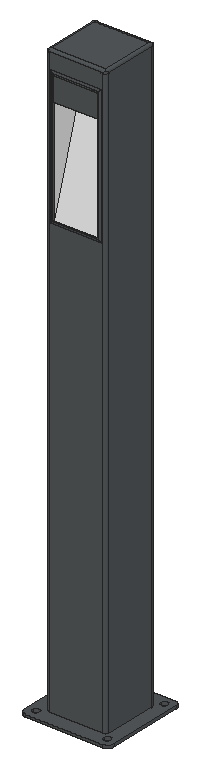
Revit family "svetilnik_alfresco_ar deko_dtu19", category Lighting Fixtures, Revit 2016 (continued)
Definition of nested family "Источник света Ар_Деко"
  Parameters (values of type "4")
           0.2       0.2       0.2       0.2       0.2       0.2\r\n       0.2       0.2       0.2       0.2       0.2       0.2       0.2       0.2\r\n       0.2       0.2       0.2       0.2       0.2       0.2       0.2       0.2\r\n       0.2       0.2       0.2       0.2       0.2       0.2       0.2       0.2\r\n       0.2       0.2       0.2       0.2       0.2       0.2       0.2       0.2\r\n       0.2       0.2       0.2       0.2       0.2       0.2       0.2       0.2\r\n       0.2       0.2       0.2       0.2       0.2       0.2       0.2       0.2\r\n       0.2       0.1       0.1       0.2       0.1       0.1       0.1       0.1\r\n       0.1       0.1       0.0       0.0       0.0\r\n       0.0       0.0       0.2       0.1       0.1       0.1       0.1       0.1\r\n       0.2       0.3       0.2       0.2       0.2       0.2       0.2       0.2\r\n       0.2       0.2       0.2       0.2       0.2       0.3       1.3       3.6\r\n      10.0      17.1      40.0      56.4      68.6      79.0      87.5      97.4\r\n     107.3     118.9     132.1     141.1     157.2     173.8     181.2     191.7\r\n     190.9     190.7     187.8     187.4     184.6     182.9     180.9     176.5\r\n     173.2     170.9     168.8     166.4     163.0     160.2     156.6     153.7\r\n     149.8     145.1     141.7     138.6     135.2     131.5     127.0     123.0\r\n     118.3     114.2     109.5     105.5     101.3      96.5      89.5      79.0\r\n      67.9      58.9      52.7      46.2      40.9      34.4      29.9      23.7\r\n      20.6      15.8      11.1       7.6       3.5       0.5       0.2       0.2\r\n       0.2       0.2       0.2       0.2       0.2       0.2       0.2       0.2\r\n       0.2       0.2       0.2       0.2       0.2       0.2       0.2       0.2\r\n       0.2       0.2       0.2       0.2       0.2       0.2       0.2       0.2\r\n       0.2       0.2       0.2       0.2       0.2       0.2       0.2       0.2\r\n       0.2       0.2       0.2       0.2       0.2       0.2       0.2       0.2\r\n       0.2       0.2       0.2       0.2       0.2       0.2       0.2       0.2\r\n       0.2       0.2       0.2       0.2       0.2       0.2       0.2       0.2\r\n       0.2       0.2       0.2       0.2       0.2       0.2       0.2       0.2\r\n       0.2       0.2       0.2       0.2       0.2       0.2       0.2       0.2\r\n       0.2       0.2       0.2       0.2       0.2       0.2       0.2       0.2\r\n       0.2       0.1       0.1       0.2       0.1       0.1       0.1       0.1\r\n       0.1       0.1       0.0       0.0       0.0\r\n       0.0       0.0       0.2       0.1       0.1       0.1       0.1       0.1\r\n       0.2       0.3       0.2       0.2       0.2       0.2       0.2       0.2\r\n       0.2       0.2       0.2       0.2       0.2       0.2       0.3       0.3\r\n       1.2       3.5      10.6      18.6      38.5      49.6      59.8      69.8\r\n      81.6      92.1     100.2     110.6     122.2     135.2     152.3     162.8\r\n     169.4     176.4     182.5     181.1     180.5     177.5     174.8     173.6\r\n     170.0     166.8     162.3     157.9     154.0     150.7     148.2     144.8\r\n     140.2     135.8     132.5     129.1     125.9     122.0     117.4     113.3\r\n     109.1     104.7     100.7      96.8      92.7      88.3      83.3      78.3\r\n      71.0      61.1      51.7      44.9      38.4      33.5      27.6      24.0\r\n      19.0      15.7      11.3       7.5       4.7       1.7       0.4       0.2\r\n       0.2       0.2       0.2       0.2       0.2       0.2       0.2       0.2\r\n       0.2       0.2       0.2       0.2       0.2       0.2       0.2       0.2\r\n       0.2       0.2       0.2       0.2       0.2       0.2       0.2       0.2\r\n       0.2       0.2       0.2       0.2       0.2       0.2       0.2       0.2\r\n       0.2       0.2       0.2       0.2       0.2       0.2       0.2       0.2\r\n       0.2       0.2       0.2       0.2       0.2       0.2       0.2       0.2\r\n       0.2       0.2       0.2       0.2       0.2       0.2       0.2       0.2\r\n       0.2       0.2       0.2       0.2       0.2       0.2       0.2       0.2\r\n       0.2       0.2       0.2       0.2       0.2       0.2       0.2       0.2\r\n       0.2       0.2       0.2       0.2       0.2       0.2       0.2       0.2\r\n       0.2       0.1       0.1       0.2       0.1       0.1       0.1       0.1\r\n       0.1       0.1       0.0       0.0       0.0\r\n       0.0       0.0       0.2       0.1       0.1       0.1       0.1       0.1\r\n       0.2       0.3       0.2       0.2       0.2       0.2       0.2       0.2\r\n       0.2       0.2       0.2       0.2       0.2       0.2       0.2       0.2\r\n       0.2       0.6       1.2       2.3       6.1      21.1      31.6      40.6\r\n      54.9      66.2      76.5      82.7      90.2      99.3     108.0     114.3\r\n     116.9     126.4     129.4     127.7     125.0     123.2     119.6     117.0\r\n     115.0     113.8     111.1     110.3     111.3     111.6     110.2     108.3\r\n     106.7     105.5     103.0     100.2      97.3      94.0      91.5      88.4\r\n      85.1      81.9      78.8      75.6      71.8      68.2      64.4      60.2\r\n      56.2      50.2      42.6      34.2      27.7      23.3      19.6      15.3\r\n      12.3       9.0       6.6       3.9       2.2       0.6       0.2       0.2\r\n       0.2       0.2       0.2       0.2       0.2       0.2       0.2       0.2\r\n       0.2       0.2       0.2       0.2       0.2       0.2       0.2       0.2\r\n       0.2       0.2       0.2       0.2       0.2       0.2       0.2       0.2\r\n       0.2       0.2       0.2       0.2       0.2       0.2       0.2       0.2\r\n       0.2       0.2       0.2       0.2       0.2       0.2       0.2       0.2\r\n       0.2       0.2       0.2       0.2       0.2       0.2       0.2       0.2\r\n       0.2       0.2       0.2       0.2       0.2       0.2       0.2       0.2\r\n       0.2       0.2       0.2       0.2       0.2       0.2       0.2       0.2\r\n       0.2       0.2       0.2       0.2       0.2       0.2       0.2       0.2\r\n       0.2       0.2       0.2       0.2       0.2       0.2       0.2       0.2\r\n       0.2       0.1       0.1       0.2       0.1       0.1       0.1       0.1\r\n       0.1       0.1       0.0       0.0       0.0\r\n       0.0       0.0       0.2       0.1       0.1       0.1       0.1       0.1\r\n       0.2       0.3       0.2       0.2       0.2       0.2       0.2       0.2\r\n       0.2       0.2       0.2       0.2       0.2       0.2       0.2       0.2\r\n       0.2       0.2       0.2       0.2       0.4       2.5       3.7      10.9\r\n      18.7      24.8      39.3      54.0      61.9      70.8      74.3      78.5\r\n      82.3      87.6      89.2      88.3      87.5      84.5      82.3      80.1\r\n      77.8      76.9      75.9      74.6      72.8      71.9      70.8      68.9\r\n      66.6      65.0      63.5      62.7      61.3      59.3      57.7      55.9\r\n      54.1      52.6      50.3      47.7      45.3      43.3      41.0      38.1\r\n      35.3      32.8      30.2      26.3      20.0      14.6      10.6       7.4\r\n       5.3       3.4       2.0       1.2       0.4       0.2       0.2       0.2\r\n       0.2       0.2       0.2       0.2       0.2       0.2       0.2       0.2\r\n       0.2       0.2       0.2       0.2       0.2       0.2       0.2       0.2\r\n       0.2       0.2       0.2       0.2       0.2       0.2       0.2       0.2\r\n       0.2       0.2       0.2       0.2       0.2       0.2       0.2       0.2\r\n       0.2       0.2       0.2       0.2       0.2       0.2       0.2       0.2\r\n       0.2       0.2       0.2       0.2       0.2       0.2       0.2       0.2\r\n       0.2       0.2       0.2       0.2       0.2       0.2       0.2       0.2\r\n       0.2       0.2       0.2       0.2       0.2       0.2       0.2       0.2\r\n       0.2       0.2       0.2       0.2       0.2       0.2       0.2       0.2\r\n       0.3       0.3       0.2       0.2       0.2       0.2       0.2       0.2\r\n       0.2       0.1       0.1       0.2       0.1       0.1       0.1       0.1\r\n       0.1       0.1       0.0       0.0       0.0\r\n       0.0       0.0       0.2       0.1       0.1       0.1       0.1       0.1\r\n       0.2       0.3       0.2       0.2       0.2       0.2       0.2       0.2\r\n       0.2       0.2       0.2       0.2       0.2       0.2       0.2       0.2\r\n       0.2       0.2       0.2       0.2       0.2       0.2       0.2       1.0\r\n       1.7       5.4      10.8      10.5      17.5      38.3      42.5      44.2\r\n      46.3      48.2      49.8      48.8      45.9      44.1      42.7      42.3\r\n      43.4      43.0      42.0      41.2      41.0      40.0      39.1      38.4\r\n      38.4      39.1      39.1      37.9      36.7      35.9      34.6      33.2\r\n      31.7      30.2      28.7      26.7      25.1      23.7      22.3      20.9\r\n      19.5      18.3      17.2      15.9      14.3      10.5       5.3       3.4\r\n       2.3       1.2       0.5       0.3       0.2       0.2       0.2       0.2\r\n       0.2       0.2       0.2       0.2       0.2       0.2       0.2       0.2\r\n       0.2       0.2       0.2       0.2       0.2       0.2       0.2       0.2\r\n       0.2       0.2       0.2       0.2       0.2       0.2       0.2       0.2\r\n       0.2       0.2       0.2       0.2       0.2       0.2       0.2       0.2\r\n       0.2       0.2       0.2       0.2       0.2       0.2       0.2       0.2\r\n       0.2       0.2       0.2       0.2       0.2       0.2       0.2       0.2\r\n       0.2       0.2       0.2       0.2       0.2       0.2       0.2       0.2\r\n       0.2       0.2       0.2       0.2       0.2       0.2       0.2       0.2\r\n       0.2       0.2       0.2       0.2       0.2       0.2       0.2       0.2\r\n       0.3       0.3       0.2       0.2       0.2       0.2       0.2       0.2\r\n       0.2       0.1       0.1       0.2       0.1       0.1       0.1       0.1\r\n       0.1       0.1       0.0       0.0       0.0\r\n       0.0       0.0       0.2       0.1       0.1       0.1       0.1       0.1\r\n       0.2       0.3       0.2       0.2       0.2       0.2       0.2       0.2\r\n       0.2       0.2       0.2       0.2       0.2       0.2       0.2       0.2\r\n       0.2       0.2       0.2       0.2       0.2       0.2       0.2       0.2\r\n       0.2       0.5       0.9       0.7       1.6       2.6       3.1       2.1\r\n       2.4       3.3       4.8       6.5       8.1       9.6      11.1      12.3\r\n      13.3      13.0      13.1      11.9      10.3       8.4       7.4       7.0\r\n       6.7       5.6       4.5       3.9       3.7       3.6       3.3       2.7\r\n       2.2       1.6       1.0       0.7       0.4       0.4       0.4       0.4\r\n       0.4       0.5       0.5       0.5       0.6       0.5       0.5       0.3\r\n       0.2       0.2       0.2       0.2       0.2       0.2       0.2       0.2\r\n       0.2       0.2       0.2       0.2       0.2       0.2       0.2       0.2\r\n       0.2       0.2       0.2       0.2       0.2       0.2       0.2       0.2\r\n       0.2       0.2       0.2       0.2       0.2       0.2       0.2       0.2\r\n       0.2       0.2       0.2       0.2       0.2       0.2       0.2       0.2\r\n       0.2       0.2       0.2       0.2       0.2       0.2       0.2       0.2\r\n       0.2       0.2       0.2       0.2       0.2       0.2       0.2       0.2\r\n       0.2       0.2       0.2       0.2       0.2       0.2       0.2       0.2\r\n       0.2       0.2       0.2       0.2       0.2       0.2       0.2       0.2\r\n       0.2       0.2       0.2       0.2       0.2       0.2       0.2       0.2\r\n       0.2       0.2       0.2       0.2       0.2       0.2       0.2       0.2\r\n       0.2       0.1       0.1       0.1       0.1       0.1       0.1       0.1\r\n       0.1       0.1       0.0       0.0       0.0\r\n       0.0       0.0       0.2       0.1       0.1       0.1       0.1       0.1\r\n       0.2       0.3       0.2       0.2       0.2       0.2       0.2       0.2\r\n       0.2       0.2       0.2       0.2       0.2       0.2       0.2       0.2\r\n       0.2       0.2       0.2       0.2       0.2       0.2       0.2       0.2\r\n       0.2       0.2       0.2       0.2       0.2       0.2       0.3       0.2\r\n       0.2       0.2       0.3       0.3       0.4       0.4       0.4       0.4\r\n       0.4       0.3       0.3       0.3       0.3       0.3       0.3       0.3\r\n       0.2       0.2       0.2       0.2       0.2       0.2       0.2       0.2\r\n       0.2       0.2       0.2       0.2       0.2       0.2       0.2       0.2\r\n       0.2       0.2       0.2       0.2       0.2       0.2       0.2       0.2\r\n       0.2       0.2       0.2       0.2       0.2       0.2       0.2       0.2\r\n       0.2       0.2       0.2       0.2       0.2       0.2       0.2       0.2\r\n       0.2       0.2       0.2       0.2       0.2       0.2       0.2       0.2\r\n       0.2       0.2       0.2       0.2       0.2       0.2       0.2       0.2\r\n       0.2       0.2       0.2       0.2       0.2       0.2       0.2       0.2\r\n       0.2       0.2       0.2       0.2       0.2       0.2       0.2       0.2\r\n       0.2       0.2       0.2       0.2       0.2       0.2       0.2       0.2\r\n       0.2       0.2       0.2       0.2       0.2       0.2       0.2       0.2\r\n       0.2       0.2       0.2       0.2       0.2       0.2       0.2       0.2\r\n       0.2       0.2       0.2       0.2       0.2       0.2       0.2       0.2\r\n       0.2       0.2       0.2       0.2       0.2       0.2       0.2       0.2\r\n       0.2       0.1       0.1       0.1       0.1       0.1       0.1       0.1\r\n       0.1       0.1       0.0       0.0       0.0\r\n       0.0       0.0       0.1       0.1       0.1       0.1       0.1       0.1\r\n       0.2       0.3       0.2       0.2       0.2       0.2       0.2       0.2\r\n       0.2       0.2       0.2       0.2       0.2       0.2       0.2       0.2\r\n       0.2       0.2       0.2       0.2       0.2       0.2       0.2       0.2\r\n       0.2       0.2       0.2       0.2       0.2       0.2       0.2       0.2\r\n       0.2       0.2       0.2       0.2       0.2       0.2       0.2       0.2\r\n       0.2       0.2       0.2       0.2       0.2       0.2       0.2       0.2\r\n       0.2       0.2       0.2       0.2       0.2       0.2       0.2       0.2\r\n       0.2       0.2       0.2       0.2       0.2       0.2       0.2       0.2\r\n       0.2       0.2       0.2       0.2       0.2       0.2       0.2       0.2\r\n       0.2       0.2       0.2       0.2       0.2       0.2       0.2       0.2\r\n       0.2       0.2       0.2       0.2       0.2       0.2       0.2       0.2\r\n       0.2       0.2       0.2       0.2       0.2       0.2       0.2       0.2\r\n       0.2       0.2       0.2       0.2       0.2       0.2       0.2       0.2\r\n       0.2       0.2       0.2       0.2       0.2       0.2       0.2       0.2\r\n       0.2       0.2       0.2       0.2       0.2       0.2       0.2       0.2\r\n       0.2       0.2       0.2       0.2       0.2       0.2       0.2       0.2\r\n       0.2       0.2       0.2       0.2       0.2       0.2       0.2       0.2\r\n       0.2       0.2       0.2       0.2       0.2       0.2       0.2       0.2\r\n       0.2       0.2       0.2       0.2       0.2       0.2       0.2       0.2\r\n       0.2       0.2       0.2       0.2       0.2       0.2       0.2       0.2\r\n       0.2       0.1       0.1       0.1       0.1       0.1       0.1       0.1\r\n       0.1       0.1       0.0       0.0       0.0\r\n       0.0       0.0       0.1       0.1       0.1       0.1       0.1       0.1\r\n       0.2       0.3       0.2       0.2       0.2       0.2       0.2       0.2\r\n       0.2       0.2       0.2       0.2       0.2       0.2       0.2       0.2\r\n       0.2       0.2       0.2       0.2       0.2       0.2       0.2       0.2\r\n       0.2       0.2       0.2       0.2       0.2       0.2       0.2       0.2\r\n       0.2       0.2       0.2       0.2       0.2      
       0.2       0.2       0.2\r\n       0.2       0.2       0.2       0.2       0.2       0.2       0.2       0.2\r\n       0.2       0.2       0.2       0.2       0.2       0.2       0.2       0.2\r\n       0.2       0.2       0.2       0.2       0.2       0.2       0.2       0.2\r\n       0.2       0.2       0.2       0.2       0.2       0.2       0.2       0.2\r\n       0.2       0.2       0.2       0.2       0.2       0.2       0.2       0.2\r\n       0.2       0.2       0.2       0.2       0.2       0.2       0.2       0.2\r\n       0.2       0.2       0.2       0.2       0.2       0.2       0.2       0.2\r\n       0.2       0.2       0.2       0.2       0.2       0.2       0.2       0.2\r\n       0.2       0.2       0.2       0.2       0.2       0.2       0.2       0.2\r\n       0.2       0.2       0.2       0.2       0.2       0.2       0.2       0.2\r\n       0.2       0.2       0.2       0.2       0.2       0.2       0.2       0.2\r\n       0.2       0.2       0.2       0.2       0.2       0.2       0.2       0.2\r\n       0.2       0.2       0.2       0.2       0.2       0.2       0.2       0.2\r\n       0.2       0.2       0.2       0.2       0.2       0.2       0.2       0.2\r\n       0.2       0.2       0.2       0.2       0.2       0.2       0.2       0.2\r\n       0.2       0.1       0.1       0.1       0.1       0.1       0.1       0.1\r\n       0.1       0.1       0.0       0.0       0.0\r\n       0.0       0.0       0.1       0.1       0.1       0.1       0.1       0.1\r\n       0.2       0.3       0.2       0.2       0.2       0.2       0.2       0.2\r\n       0.2       0.2       0.2       0.2       0.2       0.2       0.2       0.2\r\n       0.2       0.2       0.2       0.2       0.2       0.2       0.2       0.2\r\n       0.2       0.2       0.2       0.2       0.2       0.2       0.2       0.2\r\n       0.2       0.2       0.2       0.2       0.2       0.2       0.2       0.2\r\n       0.2       0.2       0.2       0.2       0.2       0.2       0.2       0.2\r\n       0.2       0.2       0.2       0.2       0.2       0.2       0.2       0.2\r\n       0.2       0.2       0.2       0.2       0.2       0.2       0.2       0.2\r\n       0.2       0.2       0.2       0.2       0.2       0.2       0.2       0.2\r\n       0.2       0.2       0.2       0.2       0.2       0.2       0.2       0.2\r\n       0.2       0.2       0.2       0.2       0.2       0.2       0.2       0.2\r\n       0.2       0.2       0.2       0.2       0.2       0.2       0.2       0.2\r\n       0.2       0.2       0.2       0.2       0.2       0.2       0.2       0.2\r\n       0.2       0.2       0.2       0.2       0.2       0.2       0.2       0.2\r\n       0.2       0.2       0.2       0.2       0.2       0.2       0.2       0.2\r\n       0.2       0.2       0.2       0.2       0.2       0.2       0.2       0.2\r\n       0.2       0.2       0.2       0.2       0.2       0.2       0.2       0.2\r\n       0.2       0.2       0.2       0.2       0.2       0.2       0.2       0.2\r\n       0.2       0.2       0.2       0.2       0.2       0.2       0.2       0.2\r\n       0.2       0.2       0.2       0.2       0.2       0.2       0.2       0.2\r\n       0.2       0.1       0.1       0.1       0.1       0.1       0.1       0.1\r\n       0.1       0.1       0.0       0.0       0.0\r\n       0.0       0.0       0.1       0.1       0.1       0.1       0.1       0.1\r\n       0.2       0.3       0.2       0.2       0.2       0.2       0.2       0.2\r\n       0.2       0.2       0.2       0.2       0.2       0.2       0.2       0.2\r\n       0.2       0.2       0.2       0.2       0.2       0.2       0.2       0.2\r\n       0.3       0.2       0.2       0.2       0.2       0.2       0.2       0.2\r\n       0.2       0.2       0.3       0.2       0.2       0.2       0.2       0.2\r\n       0.2       0.2       0.2       0.2       0.2       0.2       0.2       0.2\r\n       0.2       0.2       0.2       0.2       0.2       0.2       0.3       0.2\r\n       0.2       0.2       0.2       0.2       0.2       0.2       0.2       0.2\r\n       0.2       0.2       0.2       0.2       0.2       0.2       0.2       0.2\r\n       0.2       0.2       0.2       0.2       0.2       0.2       0.2       0.2\r\n       0.2       0.2       0.2       0.2       0.2       0.2       0.2       0.2\r\n       0.2       0.2       0.2       0.2       0.2       0.2       0.2       0.2\r\n       0.2       0.2       0.2       0.2       0.2       0.2       0.2       0.2\r\n       0.2       0.2       0.2       0.2       0.2       0.2       0.2       0.2\r\n       0.2       0.2       0.2       0.2       0.2       0.2       0.2       0.2\r\n       0.2       0.2       0.2       0.2       0.2       0.2       0.2       0.2\r\n       0.2       0.2       0.2       0.2       0.2       0.2       0.2       0.2\r\n       0.2       0.2       0.2       0.2       0.2       0.2       0.2       0.2\r\n       0.2       0.2       0.2       0.2       0.2       0.2       0.2       0.2\r\n       0.2       0.2       0.2       0.2       0.2       0.2       0.2       0.2\r\n       0.2       0.1       0.1       0.1       0.1       0.1       0.1       0.1\r\n       0.1       0.1       0.0       0.0       0.0\r\n       0.0       0.0       0.1       0.1       0.1       0.1       0.1       0.1\r\n       0.2       0.3       0.2       0.2       0.2       0.2       0.2       0.2\r\n       0.2       0.2       0.2       0.2       0.2       0.2       0.2       0.2\r\n       0.2       0.2       0.2       0.2       0.2       0.2       0.2       0.2\r\n       0.2       0.2       0.2       0.2       0.2       0.3       0.3       0.2\r\n       0.2       0.2       0.2       0.4       0.3       0.2       0.2       0.2\r\n       0.2       0.2       0.2       0.2       0.2       0.2       0.2       0.2\r\n       0.2       0.2       0.2       0.2       0.2       0.2       0.2       0.2\r\n       0.2       0.2       0.2       0.2       0.2       0.2       0.2       0.2\r\n       0.2       0.2       0.2       0.2       0.2       0.2       0.2       0.2\r\n       0.2       0.2       0.2       0.2       0.2       0.2       0.2       0.2\r\n       0.2       0.2       0.2       0.2       0.2       0.2       0.2       0.2\r\n       0.2       0.2       0.2       0.2       0.2       0.2       0.2       0.2\r\n       0.2       0.2       0.2       0.2       0.2       0.2       0.2       0.2\r\n       0.2       0.2       0.2       0.2       0.2       0.3       0.2       0.2\r\n       0.2       0.2       0.2       0.2       0.2       0.2       0.2       0.2\r\n       0.2       0.2       0.2       0.2       0.2       0.2       0.2       0.2\r\n       0.2       0.2       0.2       0.2       0.2       0.2       0.2       0.2\r\n       0.2       0.2       0.2       0.2       0.2       0.2       0.2       0.2\r\n       0.2       0.2       0.2       0.2       0.2       0.2       0.2       0.2\r\n       0.2       0.2       0.2       0.2       0.2       0.2       0.2       0.2\r\n       0.2       0.1       0.1       0.1       0.1       0.1       0.1       0.1\r\n       0.1       0.1       0.0       0.0       0.0\r\n       0.0       0.0       0.1       0.1       0.1       0.1       0.1       0.1\r\n       0.2       0.3       0.2       0.2       0.2       0.2       0.2       0.2\r\n       0.2       0.2       0.2       0.2       0.2       0.2       0.2       0.2\r\n       0.2       0.2       0.2       0.2       0.2       0.2       0.2       0.2\r\n       0.2       0.2       0.2       0.2       0.2       0.3       0.2       0.2\r\n       0.2       0.2       0.2       0.3       0.2       0.2       0.2       0.2\r\n       0.2       0.2       0.2       0.2       0.2       0.2       0.2       0.2\r\n       0.2       0.2       0.2       0.2       0.2       0.2       0.2       0.2\r\n       0.2       0.2       0.2       0.2       0.2       0.2       0.2       0.2\r\n       0.2       0.2       0.2       0.2       0.2       0.2       0.2       0.2\r\n       0.2       0.2       0.2       0.2       0.2       0.2       0.2       0.2\r\n       0.2       0.2       0.2       0.2       0.2       0.2       0.2       0.2\r\n       0.2       0.2       0.2       0.2       0.2       0.2       0.2       0.2\r\n       0.2       0.2       0.2       0.2       0.2       0.2       0.2       0.2\r\n       0.2       0.2       0.2       0.2       0.2       0.4       0.2       0.2\r\n       0.2       0.2       0.2       0.2       0.2       0.2       0.2       0.2\r\n       0.2       0.2       0.2       0.2       0.2       0.2       0.2       0.2\r\n       0.2       0.2       0.2       0.2       0.2       0.2       0.2       0.2\r\n       0.2       0.2       0.2       0.2       0.2       0.2       0.2       0.2\r\n       0.2       0.2       0.2       0.2       0.2       0.2       0.2       0.2\r\n       0.2       0.2       0.2       0.2       0.2       0.2       0.2       0.2\r\n       0.2       0.1       0.1       0.1       0.1       0.1       0.1       0.1\r\n       0.1       0.1       0.0       0.0       0.0\r\n       0.0       0.0       0.1       0.1       0.1       0.1       0.1       0.1\r\n       0.2       0.2       0.2       0.2       0.2       0.2       0.2       0.2\r\n       0.2       0.2       0.2       0.2       0.2       0.2       0.2       0.2\r\n       0.2       0.2       0.2       0.2       0.2       0.2       0.2       0.2\r\n       0.2       0.2       0.2       0.2       0.2       0.2       0.2       0.2\r\n       0.2       0.2       0.2       0.2       0.2       0.2       0.2       0.2\r\n       0.2       0.2       0.2       0.2       0.2       0.2       0.2       0.2\r\n       0.2       0.2       0.2       0.2       0.2       0.2       0.2       0.2\r\n       0.2       0.2       0.2       0.2       0.2       0.2       0.2       0.2\r\n       0.2       0.2       0.2       0.2       0.2       0.2       0.2       0.2\r\n       0.2       0.2       0.2       0.2       0.2       0.2       0.2       0.2\r\n       0.2       0.2       0.2       0.2       0.2       0.2       0.2       0.2\r\n       0.2       0.2       0.2       0.2       0.2       0.2       0.2       0.2\r\n       0.2       0.2       0.2       0.2       0.2       0.2       0.2       0.2\r\n       0.2       0.2       0.2       0.2       0.2       0.2       0.2       0.2\r\n       0.2       0.2       0.2       0.2       0.2       0.2       0.2       0.2\r\n       0.2       0.2       0.2       0.2       0.2       0.2       0.2       0.2\r\n       0.2       0.2       0.2       0.2       0.2       0.2       0.2       0.2\r\n       0.2       0.2       0.2       0.2       0.2       0.2       0.2       0.2\r\n       0.2       0.2       0.2       0.2       0.2       0.2       0.2       0.2\r\n       0.2       0.2       0.2       0.2       0.2       0.2       0.2       0.2\r\n       0.2       0.1       0.1       0.1       0.1       0.1       0.1       0.1\r\n       0.1       0.1       0.0       0.0       0.0\r\n       0.0       0.0       0.1       0.1       0.1       0.1       0.1       0.1\r\n       0.2       0.2       0.2       0.2       0.2       0.2       0.2       0.2\r\n       0.2       0.2       0.2       0.2       0.2       0.2       0.2       0.2\r\n       0.2       0.2       0.2       0.2       0.2       0.2       0.2       0.2\r\n       0.2       0.2       0.2       0.2       0.2       0.2       0.2       0.2\r\n       0.2       0.2       0.2       0.2       0.2       0.2       0.2       0.2\r\n       0.2       0.2       0.2       0.2       0.2       0.2       0.2       0.2\r\n       0.2       0.2       0.2       0.2       0.2       0.2       0.2       0.2\r\n       0.2       0.2       0.2       0.2       0.2       0.2       0.2       0.2\r\n       0.2       0.2       0.2       0.2       0.2       0.2       0.2       0.2\r\n       0.2       0.2       0.2       0.2       0.2       0.2       0.2       0.2\r\n       0.2       0.2       0.2       0.2       0.2       0.2       0.2       0.2\r\n       0.2       0.2       0.2       0.2       0.2       0.2       0.2       0.2\r\n       0.2       0.2       0.2       0.2       0.2       0.2       0.2       0.2\r\n       0.2       0.2       0.2       0.2       0.2       0.2       0.2       0.2\r\n       0.2       0.2       0.2       0.2       0.2       0.2       0.2       0.2\r\n       0.2       0.2       0.2       0.2       0.2       0.2       0.2       0.2\r\n       0.2       0.2       0.2       0.2       0.2       0.2       0.2       0.2\r\n       0.2       0.2       0.2       0.2       0.2       0.2       0.2       0.2\r\n       0.2       0.2       0.2       0.2       0.2       0.2       0.2       0.2\r\n       0.2       0.2       0.2       0.2       0.2       0.2       0.2       0.2\r\n       0.2       0.1       0.1       0.1       0.1       0.1       0.1       0.1\r\n       0.1       0.1       0.0       0.0       0.0\r\n       0.0       0.0       0.1       0.1       0.1       0.1       0.1       0.1\r\n       0.2       0.2       0.2       0.2       0.2       0.2       0.2       0.2\r\n       0.2       0.2       0.2       0.2       0.2       0.2       0.2       0.2\r\n       0.2       0.2       0.2       0.2       0.2       0.2       0.2       0.2\r\n       0.2       0.2       0.2       0.2       0.2       0.2       0.2       0.2\r\n       0.2       0.2       0.2       0.2       0.2       0.2       0.2       0.2\r\n       0.2       0.2       0.2       0.2       0.2       0.2       0.2       0.2\r\n       0.2       0.2       0.2       0.2       0.2       0.2       0.2       0.2\r\n       0.2       0.2       0.2       0.2       0.2       0.2       0.2       0.2\r\n       0.2       0.2       0.2       0.2       0.2       0.2       0.2       0.2\r\n       0.2       0.2       0.2       0.2       0.2       0.2       0.2       0.2\r\n       0.2       0.2       0.2       0.2       0.2       0.2       0.2       0.2\r\n       0.2       0.2       0.2       0.2       0.2       0.2       0.2       0.2\r\n       0.2       0.2       0.2       0.2       0.2       0.2       0.2       0.2\r\n       0.2       0.2       0.2       0.2       0.2       0.2       0.2       0.2\r\n       0.2       0.2       0.2       0.2       0.2       0.2       0.2       0.2\r\n       0.2       0.2       0.2       0.2       0.2       0.2       0.2       0.2\r\n       0.2       0.2       0.2       0.2       0.2       0.2       0.2       0.2\r\n       0.2       0.2       0.2       0.2       0.2       0.2       0.2       0.2\r\n       0.2       0.2       0.2       0.2       0.2       0.2       0.2       0.2\r\n       0.2       0.2       0.2       0.2       0.2       0.2       0.2       0.2\r\n       0.2       0.1       0.1       0.1       0.1       0.1       0.1       0.1\r\n       0.1       0.1       0.0       0.0       0.0\r\n       0.0       0.0       0.1       0.1       0.1       0.1       0.1       0.1\r\n       0.2       0.2       0.2       0.2       0.2       0.2       0.2       0.2\r\n       0.2       0.2       0.2       0.2       0.2       0.2       0.2       0.2\r\n       0.2       0.2       0.2       0.2       0.2       0.2       0.2       0.2\r\n       0.2       0.2       0.2       0.2       0.2       0.2       0.2       0.2\r\n       0.2       0.2       0.2       0.2       0.2       0.2       0.2       0.2\r\n       0.2       0.2       0.2       0.2       0.2       0.2       0.2       0.2\r\n       0.2       0.2       0.2       0.2       0.2       0.2       0.2       0.2\r\n       0.2       0.2       0.2       0.2       0.2       0.2       0.2       0.2\r\n       0.2       0.2       0.2       0.2       0.2       0.2       0.2       0.2\r\n       0.2       0.2       0.2       0.2       0.2       0.2       0.2       0.2\r\n       0.2       0.2       0.2       0.2       0.2       0.2       0.2       0.2\r\n       0.2       0.2       0.2       0.2       0.2       0.2       0.2       0.2\r\n       0.2       0.2       0.2       0.2       0.2       0.2       0.2       0.2\r\n       0.2       0.2       0.2       0.2       0.2       0.2       0.2       0.2\r\n       0.2       0.2       0.2       0.2       0.2       0.2       0.2       0.2\r\n       0.2       0.2       0.2       0.2       0.2       0.2       0.2       0.2\r\n       0.2       0.2       0.2       0.2       0.2       0.2       0.2       0.2\r\n       0.2       0.2       0.2       0.2       0.2       0.2       0.2       0.2\r\n       0.2       0.2       0.2       0.2       0.2       0.2
